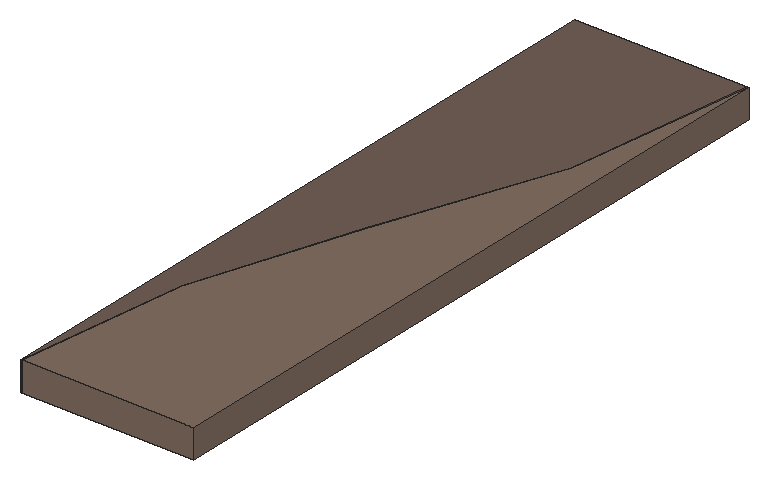
Revit family "Cambio Wall Systems - Designer - Michael Golden Contour 9x36", category Generic Models, host Face, Revit 2023
Family settings
  Host = Face
  Can host rebar = No
  Round Connector Dimension = Use Diameter
  Part Type = Normal
  Cut with Voids When Loaded = No
  Maintain Annotation Orientation = No
  Shared = No
  Room Calculation Point = No
Parameters (values of type "Wood Veneer - WALNUT")
  Default Elevation = 4' - 0"
  Cambio Material 2 = Cambio Wood - Contour Walnut Light
  Cambio Material = Cambio Wood - Contour Walnut Dark
Types (2): name | Cambio Material 2 | Cambio Material
  Wood Veneer - OAK | Cambio Wood - Contour Oak Light | Cambio Wood - Contour Oak Dark
  Wood Veneer - WALNUT | Cambio Wood - Contour Walnut Light | Cambio Wood - Contour Walnut Dark
Reference planes (in)
  plane 1 "Center (Front/Back)": y = 0
  plane 2: z = 0
  plane 3 "Center (Left/Right)": x = 0
  plane 4: z = 0.75
Forms (in)
  Extrusion 1, solid, material "Cambio Wood - Contour Walnut Dark" <- "Cambio Material"
    sketch origin (0, 0, 1.5) x (0, -1, 0) y (1, 0, 0)
      loop
        line (-18, -4.5) -> (18, -4.5) -> (18, -4.4375) -> (17.875, -4.4375)
        arc (17.875, -4.4375) -> (9.11105, -3.21697) -> (0.7366, -0.35946) r 46.531
        arc (0.7366, -0.35946) -> (-8.37971, 3.02327) -> (-18, 4.4375) r 46.531
        line (-18, 4.4375) -> (-18, -4.5)
    from -1.5 to 0
  Extrusion 2, solid, material "Cambio Wood - Contour Walnut Light" <- "Cambio Material 2"
    sketch origin (15, 0, 1.5) x (0, -1, 0) y (1, 0, 0)
      loop
        line (-18, -10.5) -> (-18, -10.5625)
        arc (-18, -10.5625) -> (-8.37971, -11.97673) -> (0.7366, -15.35946) r 46.531
        arc (0.7366, -15.35946) -> (9.11105, -18.21697) -> (17.875, -19.4375) r 46.531
        line (17.875, -19.4375) -> (18, -19.4375) -> (18, -10.5) -> (-18, -10.5)
    from -1.5 to 0
Dimensions and locks (in)
  locked: Extrusion 1 sketch curve to plane 3 "Center (Left/Right)" at 4.5
  Extrusion 1 sketch curve to plane 1 "Center (Front/Back)" to Extrusion 1 sketch curve = 1' - 6" locked, 1' - 6" locked
  aligned and locked: plane 2 to host face
  aligned and locked: level to host face
